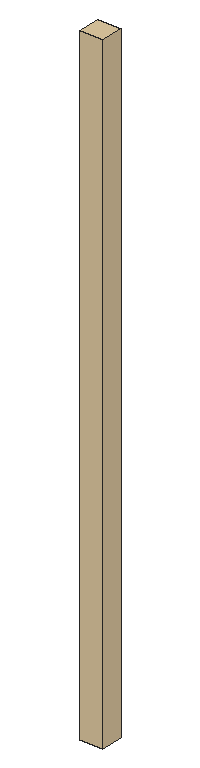
Revit family "Techlam Standard Post-88mm", category Structural Columns, Revit 2016
Family settings
  Section Shape = Not Defined
  Material for Model Behavior = Wood
  Always export as geometry = No
  Beam cutback in plan = From bounding box
  Cut with Voids When Loaded = No
  Symbolic Representation = From Project Settings
  Shared = No
  Show family pre-cut in plan views = Yes
Parameters (values of type "88 x 88")
  b = 88 mm
  d = 88 mm
  Structural Material [instance] = Wood - Dimensional Lumber
Types (21, lengths in mm): name | d
  88 x 88 | 88
  135 x 88 | 135
  140 x 88 | 140
  180 x 88 | 180
  190 x 88 | 190
  225 x 88 | 225
  240 x 88 | 240
  270 x 88 | 270
  290 x 88 | 290
  315 x 88 | 315
  360 x 88 | 360
  405 x 88 | 405
  450 x 88 | 450
  495 x 88 | 495
  540 x 88 | 540
  585 x 88 | 585
  630 x 88 | 630
  675 x 88 | 675
  720 x 88 | 720
  765 x 88 | 765
  810 x 88 | 810
Reference planes
  plane 1 "Center (Front/Back)": y = 0
  plane 2: z = 0
  plane 3 "Center (Left/Right)": x = 0
  plane 4: x = -44
  plane 5: x = 44
  plane 6: y = 44
  plane 7: y = -44
Forms (mm)
  Extrusion 1, solid, material "Wood - Dimensional Lumber" <- "Structural Material", detail levels medium+fine
    sketch origin (0, 0, 0) x (1, 0, 0) y (0, 1, 0)
      loop
        line (-44, 44) -> (-44, -44) -> (44, -44) -> (44, 44) -> (-44, 44)
    from 0 to 2500
Lines and regions (mm)
  symbolic lines, style "StructuralColumnStickSymbols", detail levels coarse
    curve 1: line (-44, 44, 0) -> (44, 44, 0)
    curve 2: line (-44, -44, 0) -> (44, -44, 0)
    curve 3: line (-44, 44, 0) -> (-44, -44, 0)
    curve 4: line (44, 44, 0) -> (44, -44, 0)
Dimensions and locks
  equal spacing: plane 4, plane 3 "Center (Left/Right)", plane 5
  equal spacing: plane 7, plane 1 "Center (Front/Back)", plane 6
  "d": plane 7 to plane 6
  "b": plane 4 to plane 5
  aligned and locked: plane 6 to Extrusion 1 sketch curve
  aligned and locked: Extrusion 1 sketch curve to plane 7
  aligned and locked: Extrusion 1 sketch curve to plane 4
  aligned and locked: plane 5 to Extrusion 1 sketch curve
  aligned and locked: level to Extrusion 1
  aligned and locked: level to plane 2
  aligned and locked: Extrusion 1 to plane 2
Automatic sketch dimensions
  curve 3 to plane 4 = 0 mm
  curve 4 to plane 5 = 0 mm
  curve 3 to plane 7 = 0 mm
  curve 3 to plane 6 = 0 mm
